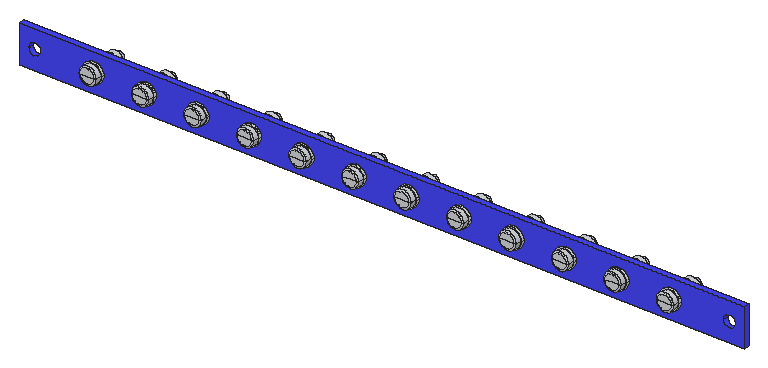
Revit family "ITK_Шина заземления_Непосредственная установка", category Обобщенные модели, Revit 2019
Family settings
  Может служить основой для арматурных стержней = Нет
  Размер круглого соединителя = Использовать диаметр
  Тип детали = Нормальный
  На основе рабочей плоскости = Нет
  Всегда вертикально = Да
  При загрузке вырезать с полостями = Нет
  Общий = Нет
  Точка расчета площади = Нет
Parameters (values of type "ER-12")
  Степень защиты = ""
  Изготовитель = "ITK"  # constant formula
  Дата изменения = ""
  Тип монтажа = "Непосредственная установка"  # constant formula
  URL = "https://www.iek.ru/"
  KSI_CPr_Строительные изделия = "20.5.03.03"  # constant formula
  KSI_CMa_Строительные материалы = "10.2.01.03"  # constant formula
  IEK_Цена за единицу = 1017
  IEK_Поиск в таблице имен = ""
  IEK_Описание = "Совместимы со всеми 19\" шкафами и стойками ITK.\r\nУдобны в монтаже и эксплуатации.\r\nУстанавливается на вертикальные монтажные профили.\r\nМатериал медь марки М1.\r\nСоответствие российским и международным стандартам.\r\nВсе шины идут с крепежом.\r\nПоставляются в качественной упаковке."
  IEK_URL = "https://www.itk-group.ru/produktsiya/catalog/oborudovanie_telekommunikatsionnoe/shkafy_telekommunikatsionnye/komplektuyushchie_i_aksessuary_dlya_shkafov_i_stoek/paneli_s_din_reykoy_osveshchenie_i_zazemlenie/itk_shina_zazemleniya_483kh25x3mm_med_shmt_m1_12_tochek_podklyucheniya_m6"
  ADSK_Примечание = ""
  ADSK_Позиция [instance] = ""
  ADSK_Наименование = "ITK Шина заземления 483х25x3мм медь ШМТ М1 12 точек подключения. М6"
  ADSK_Материал обозначение = ""
  ADSK_Материал наименование = "Медь"  # constant formula
  ADSK_Масса = 0.58
  ADSK_Марка = ""  # constant formula
  ADSK_Код изделия = "ER-12-325-M1"
  ADSK_Завод-изготовитель = "IEK"  # constant formula
  ADSK_Единица измерения = "шт"
  ADSK_Группирование = "I. ЩИТЫ И ПУЛЬТЫ"  # constant formula
  ADSK_Версия семейства = "1.0"  # constant formula
  ADSK_Версия Revit = "2019"  # constant formula
  ADSK_URL страницы изделия = "https://www.itk-group.ru/produktsiya/catalog/oborudovanie_telekommunikatsionnoe/shkafy_telekommunikatsionnye/komplektuyushchie_i_aksessuary_dlya_shkafov_i_stoek/paneli_s_din_reykoy_osveshchenie_i_zazemlenie/"
Types (2, lengths in mm): name | IEK_Цена за единицу | IEK_Описание | IEK_URL | ADSK_Наименование | ADSK_Масса | ADSK_Код изделия | ADSK_Единица измерения | ADSK_URL страницы изделия
  В1990хШ1000хГ10хЧерная | 21219.08 | "Удобный доступ к оборудованию благодаря боковым панелям, состоящим из 2 секций. Доступны в двух вариантах, отличающихся глубиной. Боковые панели типа A (мелкие): - позволяют открывать дверь под углом до 270 градусов; - увеличивают общую ширину шкафа на 3 мм с каждой стороны. Боковые панели типа B (глубокие): - обеспечивают необходимое монтажное пространство в шкафах шириной 600 мм для установки блоков розеток между боковой панелью и вертикальным монтажным профилем; - увеличивают общую ширину шкафа на 11 мм с каждой стороны." | "https://www.itk-group.ru/produktsiya/catalog/oborudovanie_telekommunikatsionnoe/kompleksnye_resheniya_dlya_tsod/shkafy_i_aksessuary_dlya_tsod/komplektuyushchie_i_aksessuary_dlya_shkafov_itk_by_zpas/paneli_peregorodki_itk_by_zpas/itk_by_zpas_panel_bokovaya_2_sektsii_42u_tip_a_1000mm_chernaya" | "ITK by ZPAS Панель боковая 2 секции 42U тип A 1000 черная" | 22 | "ZP-SP05-42U-A-1000" | "компл" | "https://www.itk-group.ru/produktsiya/catalog/oborudovanie_telekommunikatsionnoe/kompleksnye_resheniya_dlya_tsod/shkafy_i_aksessuary_dlya_tsod/komplektuyushchie_i_aksessuary_dlya_shkafov_itk_by_zpas/paneli_peregorodki_itk_by_zpas/?pagec=100"
  ER-12 | 1017 | "Совместимы со всеми 19\" шкафами и стойками ITK.\r\nУдобны в монтаже и эксплуатации.\r\nУстанавливается на вертикальные монтажные профили.\r\nМатериал медь марки М1.\r\nСоответствие российским и международным стандартам.\r\nВсе шины идут с крепежом.\r\nПоставляются в качественной упаковке." | "https://www.itk-group.ru/produktsiya/catalog/oborudovanie_telekommunikatsionnoe/shkafy_telekommunikatsionnye/komplektuyushchie_i_aksessuary_dlya_shkafov_i_stoek/paneli_s_din_reykoy_osveshchenie_i_zazemlenie/itk_shina_zazemleniya_483kh25x3mm_med_shmt_m1_12_tochek_podklyucheniya_m6" | "ITK Шина заземления 483х25x3мм медь ШМТ М1 12 точек подключения. М6" | 0.58 | "ER-12-325-M1" | "шт" | "https://www.itk-group.ru/produktsiya/catalog/oborudovanie_telekommunikatsionnoe/shkafy_telekommunikatsionnye/komplektuyushchie_i_aksessuary_dlya_shkafov_i_stoek/paneli_s_din_reykoy_osveshchenie_i_zazemlenie/"
Reference planes
  plane 1 "По центру (Вперед/Назад)": y = 0
  plane 2: z = 0
  plane 3 "По центру (Влево/Вправо)": x = 0
Forms (mm)
  Extrusion 1, solid, material "Медь", detail levels fine
    sketch origin (0, 3, 0) x (1, 0, 0) y (0, 1, 0)
      loop
        line (-241.5, 0) -> (-241.5, -3) -> (241.5, -3) -> (241.5, 0) -> (-241.5, 0)
    from 0 to 25
  Extrusion 2, void
    sketch origin (-2000, 0, 1200) x (-1, 0, 0) y (0, 0, -1)
      loop
        circle (-1768.475, 1187.5) r 4
      loop
        circle (-2231.525, 1187.5) r 4
    from -3 to 0
  Revolve 3, solid, detail levels fine
    sketch origin (-1511.359, -1521, 12.5) x (-1, 0, 0) y (0, -1, 0)
      loop
        line (-1313.086, -1515.991) -> (-1314.109, -1515.4) -> (-1318.859, -1515.4) -> (-1318.859, -1542.948) -> (-1316.401, -1542.948) -> (-1315.742, -1542.381) -> (-1315.742, -1539.624) -> (-1314.809, -1539.624) -> (-1313.536, -1538.888) -> (-1313.536, -1535.159) -> (-1314.669, -1534.424) -> (-1313.683, -1534.424) -> (-1313.683, -1532.638) -> (-1312.859, -1532.638) -> (-1312.859, -1531.038) -> (-1314.809, -1531.038) -> (-1313.536, -1530.303) -> (-1313.536, -1526.573) -> (-1314.669, -1525.838) -> (-1313.683, -1525.838) -> (-1313.683, -1524) -> (-1314.669, -1524) -> (-1314.669, -1521) -> (-1312.294, -1521) -> (-1312.294, -1519.4) -> (-1313.086, -1519.4) -> (-1313.086, -1515.991)
      axis (-1318.859, -1542.948) -> (-1318.859, -1515.4)
    angle from 0 to 360
  Revolve 4, solid, detail levels fine
    sketch origin (-1511.359, -1521, 12.5) x (-1, 0, 0) y (0, -1, 0)
      loop
        line (-1348.086, -1515.991) -> (-1349.109, -1515.4) -> (-1353.859, -1515.4) -> (-1353.859, -1542.948) -> (-1351.401, -1542.948) -> (-1350.742, -1542.381) -> (-1350.742, -1539.624) -> (-1349.809, -1539.624) -> (-1348.536, -1538.888) -> (-1348.536, -1535.159) -> (-1349.669, -1534.424) -> (-1348.683, -1534.424) -> (-1348.683, -1532.638) -> (-1347.859, -1532.638) -> (-1347.859, -1531.038) -> (-1349.809, -1531.038) -> (-1348.536, -1530.303) -> (-1348.536, -1526.573) -> (-1349.669, -1525.838) -> (-1348.683, -1525.838) -> (-1348.683, -1524) -> (-1349.669, -1524) -> (-1349.669, -1521) -> (-1347.294, -1521) -> (-1347.294, -1519.4) -> (-1348.086, -1519.4) -> (-1348.086, -1515.991)
      axis (-1353.859, -1542.948) -> (-1353.859, -1515.4)
    angle from 0 to 360
  Revolve 5, solid, detail levels fine
    sketch origin (-1511.359, -1521, 12.5) x (-1, 0, 0) y (0, -1, 0)
      loop
        line (-1383.086, -1515.991) -> (-1384.109, -1515.4) -> (-1388.859, -1515.4) -> (-1388.859, -1542.948) -> (-1386.401, -1542.948) -> (-1385.742, -1542.381) -> (-1385.742, -1539.624) -> (-1384.809, -1539.624) -> (-1383.536, -1538.888) -> (-1383.536, -1535.159) -> (-1384.669, -1534.424) -> (-1383.683, -1534.424) -> (-1383.683, -1532.638) -> (-1382.859, -1532.638) -> (-1382.859, -1531.038) -> (-1384.809, -1531.038) -> (-1383.536, -1530.303) -> (-1383.536, -1526.573) -> (-1384.669, -1525.838) -> (-1383.683, -1525.838) -> (-1383.683, -1524) -> (-1384.669, -1524) -> (-1384.669, -1521) -> (-1382.294, -1521) -> (-1382.294, -1519.4) -> (-1383.086, -1519.4) -> (-1383.086, -1515.991)
      axis (-1388.859, -1542.948) -> (-1388.859, -1515.4)
    angle from 0 to 360
  Revolve 6, solid, detail levels fine
    sketch origin (-1511.359, -1521, 12.5) x (-1, 0, 0) y (0, -1, 0)
      loop
        line (-1418.086, -1515.991) -> (-1419.109, -1515.4) -> (-1423.859, -1515.4) -> (-1423.859, -1542.948) -> (-1421.401, -1542.948) -> (-1420.742, -1542.381) -> (-1420.742, -1539.624) -> (-1419.809, -1539.624) -> (-1418.536, -1538.888) -> (-1418.536, -1535.159) -> (-1419.669, -1534.424) -> (-1418.683, -1534.424) -> (-1418.683, -1532.638) -> (-1417.859, -1532.638) -> (-1417.859, -1531.038) -> (-1419.809, -1531.038) -> (-1418.536, -1530.303) -> (-1418.536, -1526.573) -> (-1419.669, -1525.838) -> (-1418.683, -1525.838) -> (-1418.683, -1524) -> (-1419.669, -1524) -> (-1419.669, -1521) -> (-1417.294, -1521) -> (-1417.294, -1519.4) -> (-1418.086, -1519.4) -> (-1418.086, -1515.991)
      axis (-1423.859, -1542.948) -> (-1423.859, -1515.4)
    angle from 0 to 360
  Revolve 7, solid, detail levels fine
    sketch origin (-1511.359, -1521, 12.5) x (-1, 0, 0) y (0, -1, 0)
      loop
        line (-1453.086, -1515.991) -> (-1454.109, -1515.4) -> (-1458.859, -1515.4) -> (-1458.859, -1542.948) -> (-1456.401, -1542.948) -> (-1455.742, -1542.381) -> (-1455.742, -1539.624) -> (-1454.809, -1539.624) -> (-1453.536, -1538.888) -> (-1453.536, -1535.159) -> (-1454.669, -1534.424) -> (-1453.683, -1534.424) -> (-1453.683, -1532.638) -> (-1452.859, -1532.638) -> (-1452.859, -1531.038) -> (-1454.809, -1531.038) -> (-1453.536, -1530.303) -> (-1453.536, -1526.573) -> (-1454.669, -1525.838) -> (-1453.683, -1525.838) -> (-1453.683, -1524) -> (-1454.669, -1524) -> (-1454.669, -1521) -> (-1452.294, -1521) -> (-1452.294, -1519.4) -> (-1453.086, -1519.4) -> (-1453.086, -1515.991)
      axis (-1458.859, -1542.948) -> (-1458.859, -1515.4)
    angle from 0 to 360
  Revolve 8, solid, detail levels fine
    sketch origin (-1511.359, -1521, 12.5) x (-1, 0, 0) y (0, -1, 0)
      loop
        line (-1488.086, -1515.991) -> (-1489.109, -1515.4) -> (-1493.859, -1515.4) -> (-1493.859, -1542.948) -> (-1491.401, -1542.948) -> (-1490.742, -1542.381) -> (-1490.742, -1539.624) -> (-1489.809, -1539.624) -> (-1488.536, -1538.888) -> (-1488.536, -1535.159) -> (-1489.669, -1534.424) -> (-1488.683, -1534.424) -> (-1488.683, -1532.638) -> (-1487.859, -1532.638) -> (-1487.859, -1531.038) -> (-1489.809, -1531.038) -> (-1488.536, -1530.303) -> (-1488.536, -1526.573) -> (-1489.669, -1525.838) -> (-1488.683, -1525.838) -> (-1488.683, -1524) -> (-1489.669, -1524) -> (-1489.669, -1521) -> (-1487.294, -1521) -> (-1487.294, -1519.4) -> (-1488.086, -1519.4) -> (-1488.086, -1515.991)
      axis (-1493.859, -1542.948) -> (-1493.859, -1515.4)
    angle from 0 to 360
  Revolve 9, solid, detail levels fine
    sketch origin (-1511.359, -1521, 12.5) x (-1, 0, 0) y (0, -1, 0)
      loop
        line (-1523.086, -1515.991) -> (-1524.109, -1515.4) -> (-1528.859, -1515.4) -> (-1528.859, -1542.948) -> (-1526.401, -1542.948) -> (-1525.742, -1542.381) -> (-1525.742, -1539.624) -> (-1524.809, -1539.624) -> (-1523.536, -1538.888) -> (-1523.536, -1535.159) -> (-1524.669, -1534.424) -> (-1523.683, -1534.424) -> (-1523.683, -1532.638) -> (-1522.859, -1532.638) -> (-1522.859, -1531.038) -> (-1524.809, -1531.038) -> (-1523.536, -1530.303) -> (-1523.536, -1526.573) -> (-1524.669, -1525.838) -> (-1523.683, -1525.838) -> (-1523.683, -1524) -> (-1524.669, -1524) -> (-1524.669, -1521) -> (-1522.294, -1521) -> (-1522.294, -1519.4) -> (-1523.086, -1519.4) -> (-1523.086, -1515.991)
      axis (-1528.859, -1542.948) -> (-1528.859, -1515.4)
    angle from 0 to 360
  Revolve 10, solid, detail levels fine
    sketch origin (-1511.359, -1521, 12.5) x (-1, 0, 0) y (0, -1, 0)
      loop
        line (-1558.086, -1515.991) -> (-1559.109, -1515.4) -> (-1563.859, -1515.4) -> (-1563.859, -1542.948) -> (-1561.401, -1542.948) -> (-1560.742, -1542.381) -> (-1560.742, -1539.624) -> (-1559.809, -1539.624) -> (-1558.536, -1538.888) -> (-1558.536, -1535.159) -> (-1559.669, -1534.424) -> (-1558.683, -1534.424) -> (-1558.683, -1532.638) -> (-1557.859, -1532.638) -> (-1557.859, -1531.038) -> (-1559.809, -1531.038) -> (-1558.536, -1530.303) -> (-1558.536, -1526.573) -> (-1559.669, -1525.838) -> (-1558.683, -1525.838) -> (-1558.683, -1524) -> (-1559.669, -1524) -> (-1559.669, -1521) -> (-1557.294, -1521) -> (-1557.294, -1519.4) -> (-1558.086, -1519.4) -> (-1558.086, -1515.991)
      axis (-1563.859, -1542.948) -> (-1563.859, -1515.4)
    angle from 0 to 360
  Revolve 11, solid, detail levels fine
    sketch origin (-1511.359, -1521, 12.5) x (-1, 0, 0) y (0, -1, 0)
      loop
        line (-1593.086, -1515.991) -> (-1594.109, -1515.4) -> (-1598.859, -1515.4) -> (-1598.859, -1542.948) -> (-1596.401, -1542.948) -> (-1595.742, -1542.381) -> (-1595.742, -1539.624) -> (-1594.809, -1539.624) -> (-1593.536, -1538.888) -> (-1593.536, -1535.159) -> (-1594.669, -1534.424) -> (-1593.683, -1534.424) -> (-1593.683, -1532.638) -> (-1592.859, -1532.638) -> (-1592.859, -1531.038) -> (-1594.809, -1531.038) -> (-1593.536, -1530.303) -> (-1593.536, -1526.573) -> (-1594.669, -1525.838) -> (-1593.683, -1525.838) -> (-1593.683, -1524) -> (-1594.669, -1524) -> (-1594.669, -1521) -> (-1592.294, -1521) -> (-1592.294, -1519.4) -> (-1593.086, -1519.4) -> (-1593.086, -1515.991)
      axis (-1598.859, -1542.948) -> (-1598.859, -1515.4)
    angle from 0 to 360
  Revolve 12, solid, detail levels fine
    sketch origin (-1511.359, -1521, 12.5) x (-1, 0, 0) y (0, -1, 0)
      loop
        line (-1628.086, -1515.991) -> (-1629.109, -1515.4) -> (-1633.859, -1515.4) -> (-1633.859, -1542.948) -> (-1631.401, -1542.948) -> (-1630.742, -1542.381) -> (-1630.742, -1539.624) -> (-1629.809, -1539.624) -> (-1628.536, -1538.888) -> (-1628.536, -1535.159) -> (-1629.669, -1534.424) -> (-1628.683, -1534.424) -> (-1628.683, -1532.638) -> (-1627.859, -1532.638) -> (-1627.859, -1531.038) -> (-1629.809, -1531.038) -> (-1628.536, -1530.303) -> (-1628.536, -1526.573) -> (-1629.669, -1525.838) -> (-1628.683, -1525.838) -> (-1628.683, -1524) -> (-1629.669, -1524) -> (-1629.669, -1521) -> (-1627.294, -1521) -> (-1627.294, -1519.4) -> (-1628.086, -1519.4) -> (-1628.086, -1515.991)
      axis (-1633.859, -1542.948) -> (-1633.859, -1515.4)
    angle from 0 to 360
  Revolve 13, solid, detail levels fine
    sketch origin (-1511.359, -1521, 12.5) x (-1, 0, 0) y (0, -1, 0)
      loop
        line (-1663.086, -1515.991) -> (-1664.109, -1515.4) -> (-1668.859, -1515.4) -> (-1668.859, -1542.948) -> (-1666.401, -1542.948) -> (-1665.742, -1542.381) -> (-1665.742, -1539.624) -> (-1664.809, -1539.624) -> (-1663.536, -1538.888) -> (-1663.536, -1535.159) -> (-1664.669, -1534.424) -> (-1663.683, -1534.424) -> (-1663.683, -1532.638) -> (-1662.859, -1532.638) -> (-1662.859, -1531.038) -> (-1664.809, -1531.038) -> (-1663.536, -1530.303) -> (-1663.536, -1526.573) -> (-1664.669, -1525.838) -> (-1663.683, -1525.838) -> (-1663.683, -1524) -> (-1664.669, -1524) -> (-1664.669, -1521) -> (-1662.294, -1521) -> (-1662.294, -1519.4) -> (-1663.086, -1519.4) -> (-1663.086, -1515.991)
      axis (-1668.859, -1542.948) -> (-1668.859, -1515.4)
    angle from 0 to 360
  Revolve 14, solid, detail levels fine
    sketch origin (-1511.359, -1521, 12.5) x (-1, 0, 0) y (0, -1, 0)
      loop
        line (-1698.086, -1515.991) -> (-1699.109, -1515.4) -> (-1703.859, -1515.4) -> (-1703.859, -1542.948) -> (-1701.401, -1542.948) -> (-1700.742, -1542.381) -> (-1700.742, -1539.624) -> (-1699.809, -1539.624) -> (-1698.536, -1538.888) -> (-1698.536, -1535.159) -> (-1699.669, -1534.424) -> (-1698.683, -1534.424) -> (-1698.683, -1532.638) -> (-1697.859, -1532.638) -> (-1697.859, -1531.038) -> (-1699.809, -1531.038) -> (-1698.536, -1530.303) -> (-1698.536, -1526.573) -> (-1699.669, -1525.838) -> (-1698.683, -1525.838) -> (-1698.683, -1524) -> (-1699.669, -1524) -> (-1699.669, -1521) -> (-1697.294, -1521) -> (-1697.294, -1519.4) -> (-1698.086, -1519.4) -> (-1698.086, -1515.991)
      axis (-1703.859, -1542.948) -> (-1703.859, -1515.4)
    angle from 0 to 360
  Extrusion 15, solid, detail levels coarse+medium
    sketch origin (0, 0, 0) x (1, 0, 0) y (0, 1, 0)
      loop
        line (-241.5, 3) -> (-241.5, 0) -> (241.5, 0) -> (241.5, 3) -> (-241.5, 3)
    from 0 to 25
Cuts and joins
  Extrusion 2 cuts Extrusion 1
Dimensions and locks
  aligned and locked: level to plane 2
  aligned and locked: Revolve 3 sketch curve to Revolve 3 sketch curve
  aligned and locked: Revolve 4 sketch curve to Revolve 4 sketch curve
  aligned and locked: Revolve 5 sketch curve to Revolve 5 sketch curve
  aligned and locked: Revolve 6 sketch curve to Revolve 6 sketch curve
  aligned and locked: Revolve 7 sketch curve to Revolve 7 sketch curve
  aligned and locked: Revolve 8 sketch curve to Revolve 8 sketch curve
  aligned and locked: Revolve 9 sketch curve to Revolve 9 sketch curve
  aligned and locked: Revolve 10 sketch curve to Revolve 10 sketch curve
  aligned and locked: Revolve 11 sketch curve to Revolve 11 sketch curve
  aligned and locked: Revolve 12 sketch curve to Revolve 12 sketch curve
  aligned and locked: Revolve 13 sketch curve to Revolve 13 sketch curve
  aligned and locked: Revolve 14 sketch curve to Revolve 14 sketch curve
